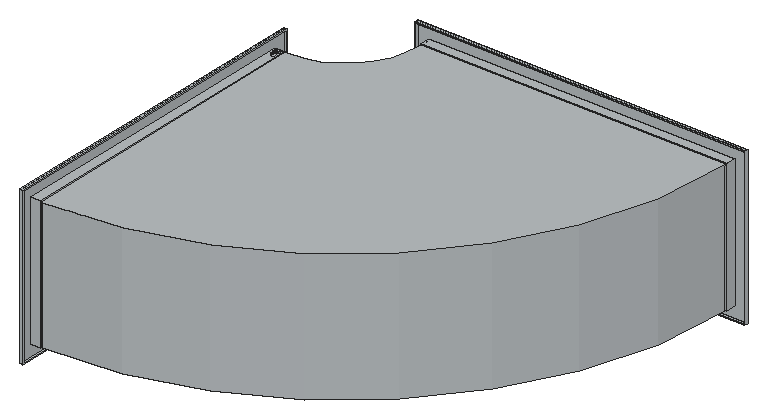
Revit family "NLRS_57_DUF_UN_verlopende_radius_bocht_nijburg", category Duct Fittings, Revit 2021
Family settings
  Round Connector Dimension = Use Diameter
  Part Type = Elbow
  Work Plane-Based = No
  Always vertical = Yes
  Cut with Voids When Loaded = No
  Shared = No
Parameters (values of type "R=170 (std)")
  URL = "https://nijburg-klimaattechniek.nl/oplossingen/rechthoekige-kanalen/"
  Type Comments = "Height in = Height out"  # constant formula
  NPR_c02_recht [instance] = 30 mm
  NPR_c01_recht [instance] = 30 mm
  NPR_Waarschuwing [instance] = if(NPR_Toegepaste_hoek = NLRS_C_hoek, " ", "Ongeldige hoek!")  # " "
  NPR_Toegepaste_hoek [instance] = if(NLRS_C_hoek < NPR_Minimale_hoek, NPR_Minimale_hoek, if(NLRS_C_hoek > 90.00°, 90.00°, NLRS_C_hoek))  # 90.00°
  NPR_S2_Buiten_ver [instance] = NLRS_M_c02_breedte * cos(NPR_Toegepaste_hoek)  # 0 mm
  NPR_S2_Buiten_hor [instance] = NLRS_M_c02_breedte * sin(NPR_Toegepaste_hoek)  # 700 mm
  NPR_S2_Binnen_ver [instance] = NPR_S2 * sin(NPR_Toegepaste_hoek)  # 30 mm
  NPR_S2_Binnen_hor [instance] = NPR_S2 * cos(NPR_Toegepaste_hoek)  # 0 mm
  NPR_S2 [instance] = if(NPR_c02_recht < 30 mm, 30 mm, NPR_c02_recht)  # 30 mm
  NPR_S1 [instance] = if(NPR_c01_recht < 30 mm, 30 mm, NPR_c01_recht)  # 30 mm
  NPR_Radius = 170 mm
  NPR_Offset5 [instance] = (NPR_Buitenradius * cos(NPR_Toegepaste_hoek))  # 0 mm
  NPR_Offset4 [instance] = NPR_Radius - (NPR_Radius * cos(NPR_Toegepaste_hoek))  # 170 mm
  NPR_Offset3 [instance] = NPR_Radius * sin(NPR_Toegepaste_hoek)  # 170 mm
  NPR_Offset2 [instance] = NPR_Buitenradius * sin(NPR_Toegepaste_hoek)  # 870 mm
  NPR_Offset1 [instance] = if(NLRS_M_c02_breedte > NLRS_M_c01_breedte, (NPR_Grote_breedte - NPR_Buitenradius) * sin(NPR_Toegepaste_hoek), 0 mm)  # 0 mm
  NPR_Minimale_hoek [instance] = if(roundup((90.00° - asin(NPR_Kleine_breedte / NPR_Grote_breedte)) / 1.00°) * 1.00° < 5.00°, 5.00°, roundup((90.00° - asin(NPR_Kleine_breedte / NPR_Grote_breedte)) / 1.00°) * 1.00°)  # 5.00°
  NPR_Luka_m² [instance] = ((if(NLRS_M_c01_breedte > NLRS_M_c02_breedte, NLRS_M_c01_breedte, NLRS_M_c02_breedte) + NLRS_M_c01_hoogte) * 2 * NPR_L1)  # 3.60 m²
  NPR_L1 [instance] = (NPR_Buitenradius * tan(NPR_Toegepaste_hoek / 2)) + if(NLRS_M_c01_breedte > NLRS_M_c02_breedte, NPR_S1, NPR_S2) + (NPR_Buitenradius * tan(NPR_Toegepaste_hoek / 2)) + ((NPR_Grote_breedte - NPR_Buitenradius) * cos(90.00° - NPR_Toegepaste_hoek)) + if(NLRS_M_c01_breedte > NLRS_M_c02_breedte, NPR_S2, NPR_S1)  # 1800 mm
  NPR_Kleine_breedte [instance] = if(NLRS_M_c01_breedte > NLRS_M_c02_breedte, NLRS_M_c02_breedte, NLRS_M_c01_breedte) + NPR_Radius  # 870 mm
  NPR_Grote_breedte [instance] = if(NLRS_M_c01_breedte > NLRS_M_c02_breedte, NLRS_M_c01_breedte, NLRS_M_c02_breedte) + NPR_Radius  # 870 mm
  NPR_Forceer_Schoepen [instance] = no
  NPR_Checked_hoek [instance] = if(NPR_Toegepaste_hoek = 90.00°, 1.00°, NPR_Toegepaste_hoek)  # 1.00°
  NPR_Center_Offset1 [instance] = if(NPR_Toegepaste_hoek = 90.00°, NPR_Radius + (NLRS_M_c02_breedte / 2), if(not(NLRS_M_c01_breedte < NLRS_M_c02_breedte), (NPR_Calc_Radius1 / cos(NPR_Checked_hoek / 2)) * sin(NPR_Checked_hoek / 2), (NPR_Calc_Radius1 * tan(NPR_Checked_hoek / 2 / 2)) + (((NPR_Grote_breedte - NPR_Radius) / 2 + NPR_Radius - NPR_Calc_Radius1) * cos(90.00° - NPR_Checked_hoek / 2))))  # 520 mm
  NPR_Calc_Radius1 [instance] = if(NPR_Toegepaste_hoek = 90.00°, ((((NPR_Kleine_breedte - NPR_Radius) / 2) + NPR_Radius)), (((((NPR_Kleine_breedte - NPR_Radius) / 2) + NPR_Radius)) / cos(NPR_Checked_hoek) - ((((NPR_Grote_breedte - NPR_Radius) / 2) + NPR_Radius))) * tan(90.00° - NPR_Checked_hoek) * tan((180.00° - NPR_Checked_hoek) / 2))  # 520 mm
  NPR_Buitenradius [instance] = if(NPR_Toegepaste_hoek = 90.00°, NPR_Kleine_breedte, (NPR_Kleine_breedte / cos(NPR_Checked_hoek) - NPR_Grote_breedte) * tan(90.00° - NPR_Checked_hoek) * tan((180.00° - NPR_Checked_hoek) / 2))  # 870 mm
  NPR_Artikelcode = "RHKV"  # constant formula
  NLRS_M_c02_hoogte [instance] = NLRS_M_c01_hoogte  # 300 mm
  NLRS_M_c02_breedte [instance] = 700 mm
  NLRS_M_c01_hoogte [instance] = 300 mm
  NLRS_M_c01_breedte [instance] = 700 mm
  NLRS_C_model = Model  # "Rechthoekige bocht met radius, verlopend"
  NLRS_C_hoek [instance] = 90.00°
  NLRS_C_description = Description  # "Rechthoekige verlopende bocht met radius"
  NLRS_C_content_versie = "1.21.03"  # constant formula
  NLRS_C_content_provider = "Nijburg Klimaattechniek"  # constant formula
  NLRS_C_content_datum_gewijzigd = "20-11-2023"  # constant formula
  NLRS_C_content_creator = "J.Feeke"  # constant formula
  Model = "Rechthoekige bocht met radius, verlopend"  # constant formula
  Manufacturer = "Nijburg Products"  # constant formula
  Description = "Rechthoekige verlopende bocht met radius"  # constant formula
  Default Elevation = 0 mm
  Assembly Code = "57.70"
Types (5, lengths in mm): name | NPR_Radius | NPR_Offset4 | NPR_Offset3 | NPR_Offset2 | NPR_Luka_m² | NPR_L1 | NPR_Kleine_breedte | NPR_Grote_breedte | NPR_Forceer_Schoepen | NPR_Center_Offset1 | NPR_Calc_Radius1 | NPR_Buitenradius
  (no name) | 170 | 170 | 170 | 870 | 3.60 m² | 1800 | 870 | 870 | no | 520 | 520 | 870
  R=100 | 100 | 100 | 100 | 800 | 3.32 m² | 1660 | 800 | 800 | yes | 450 | 450 | 800
  R=120 | 120 | 120 | 120 | 820 | 3.40 m² | 1700 | 820 | 820 | yes | 470 | 470 | 820
  R=150 | 150 | 150 | 150 | 850 | 3.52 m² | 1760 | 850 | 850 | yes | 500 | 500 | 850
  R=170 (std) | 170 | 170 | 170 | 870 | 3.60 m² | 1800 | 870 | 870 | no | 520 | 520 | 870
Reference planes
  plane 1 "Center Rhor": y = 0
  plane 2: z = 0
  plane 3 "Center Rvert": x = 0
  plane 4 "c1": x = -30
  plane 5 "C1_Inner": y = -170
  plane 6 "Inner_Hor": x = 170
  plane 7 "W1": y = -870
  plane 8 "Inner_ver": y = 0
  plane 9: x = 870
  plane 10: y = -520
  plane 11 "Offset_Hor": x = 0
  plane 12: y = 0
  plane 13: y = 0
  plane 14: y = 30
  plane 15: x = 870
  plane 16 "W2": y = 30
  plane 17 "W3": x = 170
  plane 18 "Top": z = 150
  plane 19 "Bottom": z = -150
  plane 20: x = 520
Forms (mm)
  Extrusion 1, solid, material "NLRS_57_sendzimir verzinkt_gen_sacs"
    sketch origin (0, 0, 0) x (1, 0, 0) y (0, 1, 0)
      loop
        line (0, -170) -> (-30, -170) -> (-30, -870) -> (0, -870)
        arc (0, -870) -> (615.183, -615.183) -> (870, 0) r 870
        line (870, 0) -> (870, 30) -> (170, 30) -> (170, 0)
        arc (170, 0) -> (120.208, -120.208) -> (0, -170) r 170
    from -150 to 150
  Sweep 2, solid, material "NLRS_57_sendzimir verzinkt_gen_sacs"
    path in 3D
      loop
        line (-30, -870, 150) -> (-30, -870, -150) -> (-30, -170, -150) -> (-30, -170, 150) -> (-30, -870, 150)
    profile "DW_Profile : Kanaal" origin (-30, -520, 150) x (1, 0, 0) y (0, 0, 1)
      loop
        line (25, 0) -> (25, 1) -> (1, 1) -> (1, 28) -> (7.5, 28) -> (7.5, 29) -> (0, 29) -> (0, 0) -> (25, 0)
  Sweep 3, solid, material "NLRS_57_sendzimir verzinkt_gen_sacs"
    path in 3D
      loop
        line (170, 30, 150) -> (170, 30, -150) -> (870, 30, -150) -> (870, 30, 150) -> (170, 30, 150)
    profile "DW_Profile : Kanaal" origin (520, 30, 150) x (0, -1, 0) y (0, 0, 1)
      loop
        line (25, 0) -> (25, 1) -> (1, 1) -> (1, 28) -> (7.5, 28) -> (7.5, 29) -> (0, 29) -> (0, 0) -> (25, 0)
  Extrusion 4, solid, not visible
    sketch origin (-476.854, -1365.937, 0) x (1, 0, 0) y (0, 1, 0)
      loop
        arc (545.644, 849.937) -> (543.644, 847.937) -> (545.644, 845.937) r 2
        line (545.644, 845.937) -> (545.644, 847.937) -> (547.644, 845.937) -> (547.644, 847.937) -> (545.644, 849.937)
    from 0 to 2
  Extrusion 5, solid, not visible
    sketch origin (70.79, -1068, 0) x (1, 0, 0) y (0, 1, 0)
      loop
        arc (2, 548) -> (4, 550) -> (2, 552) r 2
        line (2, 552) -> (2, 550) -> (0, 552) -> (0, 550) -> (2, 548)
    from 0 to 2
Lines and regions (mm)
  sketch lines
    curve 1: line (-30, -170, 150) -> (-30, -870, 150)
    curve 2: line (-30, -870, 150) -> (-30, -870, -150)
    curve 3: line (-30, -870, -150) -> (-30, -170, -150)
    curve 4: line (-30, -170, 150) -> (-30, -170, -150)
    curve 5: line (870, 30, 150) -> (170, 30, 150)
    curve 6: line (870, 30, 150) -> (870, 30, -150)
    curve 7: line (170, 30, -150) -> (870, 30, -150)
    curve 8: line (170, 30, 150) -> (170, 30, -150)
Dimensions and locks
  "NPR_S1": plane 4 "c1" to plane 3 "Center Rvert"
  "NPR_Offset3": plane 6 "Inner_Hor" to plane 3 "Center Rvert"
  "NPR_Radius": plane 5 "C1_Inner" to plane 1 "Center Rhor"
  "NLRS_M_c01_breedte": plane 7 "W1" to plane 5 "C1_Inner"
  "NPR_Offset4": plane 8 "Inner_ver" to plane 5 "C1_Inner"
  "NPR_Offset1": plane 3 "Center Rvert" to plane 11 "Offset_Hor"
  "NPR_Buitenradius": plane 7 "W1" to plane 13
  "NPR_Offset5": plane 12 to plane 13
  "NPR_Offset2": plane 11 "Offset_Hor" to plane 9
  "NPR_S2_Binnen_hor": plane 6 "Inner_Hor" to plane 17 "W3"
  "NPR_S2_Binnen_ver": plane 16 "W2" to plane 8 "Inner_ver"
  locked: plane 15 to Extrusion 1 sketch curve
  locked: Extrusion 1 sketch curve to plane 14
  locked: plane 16 "W2" to Extrusion 1 sketch curve  (x2)
  locked: plane 17 "W3" to Extrusion 1 sketch curve
  plane 16 "W2" to Extrusion 1 sketch curve = 0 mm
  "NPR_S2_Buiten_hor": plane 17 "W3" to plane 15
  "NPR_S2_Buiten_ver": plane 16 "W2" to plane 14
  equal spacing: plane 5 "C1_Inner", plane 10, plane 7 "W1"
  equal spacing: plane 18 "Top", level, plane 19 "Bottom"
  "NLRS_M_c01_hoogte": plane 18 "Top" to plane 19 "Bottom"
  "NPR_Center_Offset1": plane 3 "Center Rvert" to plane 20
  locked: plane 4 "c1" to nested 4 at 15
  locked: plane 5 "C1_Inner" to nested 4 at 15
  locked: plane 4 "c1" to nested 5 at 15
  locked: plane 5 "C1_Inner" to nested 5 at 15
  "NPR_Radius": radius of Extrusion 1 sketch curve
  "NPR_Buitenradius": radius of Extrusion 1 sketch curve
  "NPR_Toegepaste_hoek": angle Extrusion 1 sketch curve to Extrusion 1 sketch curve  (x2)
  aligned and locked: level to plane 2
  aligned and locked: plane 5 "C1_Inner" to Extrusion 1 sketch curve
  aligned and locked: plane 3 "Center Rvert" to Extrusion 1 sketch curve
  aligned and locked: plane 11 "Offset_Hor" to Extrusion 1 sketch curve
  aligned and locked: plane 7 "W1" to Extrusion 1 sketch curve
  aligned and locked: Extrusion 1 sketch curve to plane 4 "c1"
  aligned and locked: plane 18 "Top" to Extrusion 1
  aligned and locked: Extrusion 1 to plane 19 "Bottom"
  aligned and locked: plane 3 "Center Rvert" to nested 1
  aligned and locked: plane 1 "Center Rhor" to nested 1
  aligned and locked: plane 3 "Center Rvert" to nested 3
  aligned and locked: plane 1 "Center Rhor" to nested 3
  aligned and locked: plane 3 "Center Rvert" to nested 2
  aligned and locked: plane 1 "Center Rhor" to nested 2
Automatic sketch dimensions
  Extrusion 4 sketch curve to plane 10 = 0 mm  (x2)
  plane 10 to Extrusion 4 sketch curve = 2 mm
  plane 3 "Center Rvert" to Extrusion 4 sketch curve = 68.79 mm
  Extrusion 4 sketch curve to Extrusion 4 sketch curve = 2 mm
  Extrusion 4 sketch curve to Extrusion 4 sketch curve = 0 mm  (x2)
  Extrusion 5 sketch curve to plane 10 = 0 mm
  plane 10 to Extrusion 5 sketch curve = 2 mm  (x2)
  plane 3 "Center Rvert" to Extrusion 5 sketch curve = 70.79 mm
  Extrusion 5 sketch curve to Extrusion 5 sketch curve = 2 mm
  Extrusion 5 sketch curve to Extrusion 5 sketch curve = 0 mm  (x2)
Nested families
  nested 1: "schoep" at (0, 0, 150), type "schoep1"
  nested 2: "schoep" at (0, 0, 150), type "schoep3"
  nested 3: "schoep" at (0, 0, 150), type "schoep2"
  nested 4: "logo_single" at (-15, -185, 151) x (0, 1, 0) z (0, 0, 1), type "logo_single"
  nested 5: "logo_single" at (-15, -185, -149) x (0, 1, 0) z (0, 0, 1), type "logo_single"
Connectors
  hvac at (-30, -520, 0), driven by "NLRS_M_c01_hoogte", driven by "NLRS_M_c01_breedte"
    settings: on Extrusion 1, index 1, duct flow 0.0 L/s, flow factor 0, pres drop 0.0 Pa, loss coef 0, conn angle 0.00°, conn width 700 mm, conn height 300 mm, conn diameter 609.6 mm, duct sys type 28, conn prof type 1, flow config 0, flow direction 1, loss method 0, conn ref index 2, conn util no, is conn primary yes, conn desc ""
  hvac at (520, 30, 0), driven by "NLRS_M_c02_hoogte", driven by "NLRS_M_c02_breedte", driven by "NLRS_C_hoek"
    settings: on Sweep 3, index 2, duct flow 0.0 L/s, flow factor 0, pres drop 0.0 Pa, loss coef 0, conn angle 90.00°, conn width 700 mm, conn height 300 mm, conn diameter 609.6 mm, duct sys type 28, conn prof type 1, flow config 0, flow direction 0, loss method 0, conn ref index 1, conn util no, is conn primary no, conn desc ""
Definition of nested family "logo_single"
  Parameters (values of type "logo_single")
    t = 5 mm
    Model = "LOD 400"
    Description = "Model type"
    Default Elevation = 1219.2 mm
  Reference planes
    plane 1 "Center (Front/Back)": y = 0
    plane 2: z = 0
    plane 3 "Center (Left/Right)": x = 0
    plane 4: z = 2
    plane 5: x = -10
    plane 6: y = -5
    plane 7: y = 5
    plane 8: x = -5
    plane 9: x = 5
    plane 10: x = 10
  Forms (mm)
    Extrusion 1, solid
      sketch origin (-547.644, -297.937, 0) x (1, 0, 0) y (0, 1, 0)
        loop
          arc (542.644, 302.937) -> (537.644, 297.937) -> (542.644, 292.937) r 5
          line (542.644, 292.937) -> (542.644, 297.937) -> (547.644, 292.937) -> (547.644, 297.937) -> (542.644, 302.937)
      from 0 to 2
    Extrusion 2, solid
      sketch origin (0, 0, 0) x (1, 0, 0) y (0, 1, 0)
        loop
          arc (5, -5) -> (10, 0) -> (5, 5) r 5
          line (5, 5) -> (5, 0) -> (0, 5) -> (0, 0) -> (5, -5)
      from 0 to 2
  Dimensions and locks
    "t": plane 7 to plane 1 "Center (Front/Back)"
    "t": plane 6 to plane 1 "Center (Front/Back)"
    "t": plane 5 to plane 8
    "t": plane 8 to plane 3 "Center (Left/Right)"
    "t": plane 3 "Center (Left/Right)" to plane 9
    "t": plane 9 to plane 10
    aligned and locked: level to plane 2
    aligned and locked: plane 4 to Extrusion 1
  Automatic sketch dimensions
    plane 1 "Center (Front/Back)" to Extrusion 1 sketch curve = 0 mm  (x3)
    Extrusion 1 sketch curve to plane 8 = 0 mm
    Extrusion 1 sketch curve to plane 7 = 0 mm
    Extrusion 1 sketch curve to plane 3 "Center (Left/Right)" = 0 mm
    Extrusion 1 sketch curve to plane 6 = 0 mm
    Extrusion 2 sketch curve to plane 3 "Center (Left/Right)" = 0 mm
    plane 1 "Center (Front/Back)" to Extrusion 2 sketch curve = 0 mm  (x3)
    Extrusion 2 sketch curve to plane 6 = 0 mm
    Extrusion 2 sketch curve to plane 9 = 0 mm
    Extrusion 2 sketch curve to plane 7 = 0 mm
Definition of nested family "schoep"
  Parameters (values of type "schoep")
    Show_Schoep = and(not(Aantal_Schoepen < Schoepnr), or(NPR_Toegepaste_hoek > 45.00°, Override_Schoep))  # yes
    Schoepnr = 2
    Override_Schoep = yes
    NPR_Toegepaste_hoek = 50.00°
    NPR_S1 = 2.5 mm  # constant formula
    NPR_Radius = 1200 mm
    NPR_Offset5 = NPR_L1 + (NPR_Radius - (NPR_Radius * cos(NPR_Toegepaste_hoek))) + (NPR_S1 * sin(NPR_Toegepaste_hoek)) - (NPR_L2 * cos(NPR_Toegepaste_hoek))  # 630.619 mm
    NPR_Offset4 = NPR_Buitenradius - (NPR_Buitenradius * cos(NPR_Toegepaste_hoek))  # 628.704 mm
    NPR_Offset3 = NPR_Radius * sin(NPR_Toegepaste_hoek) + NPR_L2 * sin(NPR_Toegepaste_hoek) + NPR_S1 * cos(NPR_Toegepaste_hoek)  # 1457.091 mm
    NPR_Offset2 = NPR_Buitenradius * sin(NPR_Toegepaste_hoek)  # 1348.259 mm
    NPR_Offset1 = if(NPR_L2 > NPR_L1, (NPR_Grote_breedte - NPR_Buitenradius) * sin(NPR_Toegepaste_hoek), 0 mm)  # 107.225 mm
    NPR_L2 = if(Schoepnr = 1, if(Aantal_Schoepen = 3, NLRS_M_c02_breedte / 8, if(Aantal_Schoepen = 2, NLRS_M_c02_breedte / 4, NLRS_M_c02_breedte / 3)), if(Schoepnr = 2, if(Aantal_Schoepen = 3, NLRS_M_c02_breedte / 3, NLRS_M_c02_breedte / 2), NLRS_M_c02_breedte / 2))  # 700 mm
    NPR_L1 = if(Schoepnr = 1, if(Aantal_Schoepen = 3, NLRS_M_c01_breedte / 8, if(Aantal_Schoepen = 2, NLRS_M_c01_breedte / 4, NLRS_M_c01_breedte / 3)), if(Schoepnr = 2, if(Aantal_Schoepen = 3, NLRS_M_c01_breedte / 3, NLRS_M_c01_breedte / 2), NLRS_M_c01_breedte / 2))  # 650 mm
    NPR_Kleine_breedte = if(NPR_L1 > NPR_L2, NPR_L2, NPR_L1) + NPR_Radius  # 1850 mm
    NPR_Grote_breedte = if(NPR_L1 > NPR_L2, NPR_L1, NPR_L2) + NPR_Radius  # 1900 mm
    NPR_Checked_hoek = if(NPR_Toegepaste_hoek = 90.00°, 1.00°, NPR_Toegepaste_hoek)  # 50.00°
    NPR_Buitenradius = if(NPR_Toegepaste_hoek = 90.00°, NPR_Kleine_breedte, (NPR_Kleine_breedte / cos(NPR_Checked_hoek) - NPR_Grote_breedte) * tan(90.00° - NPR_Checked_hoek) * tan((180.00° - NPR_Checked_hoek) / 2))  # 1760.027 mm
    NLRS_M_c02_breedte = 1400 mm
    NLRS_M_c01_breedte = 1300 mm
    Default Elevation = 1219.2 mm
    Aantal_Schoepen = if(and(NLRS_M_c01_breedte > 1600 mm, NLRS_M_c02_breedte > 1600 mm), 3, if(and(NLRS_M_c01_breedte > 800 mm, NLRS_M_c02_breedte > 800 mm), 2, (if(and(NLRS_M_c01_breedte > 400 mm, NLRS_M_c02_breedte > 400 mm), 1, 0))))  # 2
  Reference planes
    plane 1 "Center (Front/Back)": y = 0
    plane 2: z = 0
    plane 3 "Center (Left/Right)": x = 0
    plane 4: y = -1200
    plane 5: y = -1850
    plane 6: x = 107.225
    plane 7: x = 1455.484
    plane 8: x = 1457.091
    plane 9: y = -1221.296
    plane 10: y = -1219.381
    plane 11: x = -2.5
  Lines and regions (mm)
    model lines, visible <- "Show_Schoep"
      curve 1: arc (107.225, -1850, 0) -> (851.045, -1685.099, 0) -> (1455.484, -1221.296, 0) r 1760.027
      curve 2: line (1455.484, -1221.296, 0) -> (1457.091, -1219.381, 0)
      curve 3: line (107.225, -1850, 0) -> (-2.5, -1850, 0)
  Dimensions and locks
    "NPR_Radius": plane 4 to plane 1 "Center (Front/Back)"
    "NPR_L1": plane 5 to plane 4
    "NPR_Offset1": plane 3 "Center (Left/Right)" to plane 6
    "NPR_Offset2": plane 7 to plane 6
    "NPR_Offset3": plane 3 "Center (Left/Right)" to plane 8
    "NPR_Offset4": plane 9 to plane 5
    "NPR_Offset5": plane 10 to plane 5
    locked: plane 8 to curve 2
    "NPR_S1": plane 11 to plane 3 "Center (Left/Right)"
    locked: plane 10 to curve 2
    "NPR_Buitenradius": radius of curve 1
    "NPR_Toegepaste_hoek": angle curve 1 to curve 1
    aligned and locked: level to plane 2
    aligned and locked: plane 5 to curve 1
    aligned and locked: plane 6 to curve 1
    aligned and locked: plane 11 to curve 3
